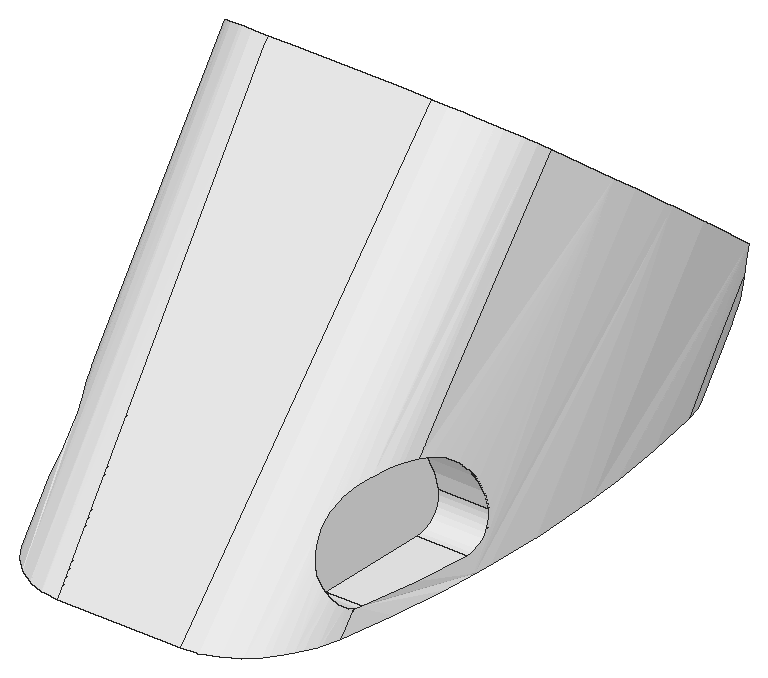
Revit family "Plumbing-Urinal-Sloan-Valve-SU-7419_", category Plumbing Fixtures, host Face, Revit 2020
Family settings
  Host = Face
  Round Connector Dimension = Use Diameter
  Part Type = Normal
  OmniClass Number = 23.45.05.21.11.21
  OmniClass Title = Urinals
  Cut with Voids When Loaded = No
  Shared = No
  Room Calculation Point = No
Parameters (values of type "SU-7419")
  Width = 12 5/8"  # constant formula
  Water Inlet Connection Diameter = 3/4"  # constant formula
  Water Inlet Connection Description = "Water Inlet Connection"  # constant formula
  Waste Connection = yes
  WFU = 5
  Vent Connection = yes
  Valve Pressure Drop = 0.00 psi
  URL = "www.sloanvalve.com"
  Sanitary Drain Connector Description = "Sanitary Drain Connection"  # constant formula
  Sanitary Drain Connection Diameter = 2"  # constant formula
  Product data url = "https://bimobject.com/sloan_valve/product/urinals_SU-7419"
  Product Material = Sloan Valve - Vitreous China - White
  Part Number = "1107419"
  Model = "SU-7419"
  Maximum Static Pressure = "80 PSI (552 kPa)\r"  # constant formula
  Manufacturer = "Sloan Valve"  # constant formula
  Keynote = "15410"
  Installation Height [instance] = if(ADA Compliant, 12 1/2", 19 1/2")  # 12 1/2"
  Height = 23 1/8"  # constant formula
  HWFU = 0
  HW Connection = yes
  Flush Rate = "0.125 – 1.0 gpf (0.5 – 3.8 Lpf) - Flush volume determined by the flushometer used with the fixture"  # constant formula
  Flow Rate = "8.5 gpm (32.2 Lpm)\r"  # constant formula
  Edition number = 1
  Description = "Vitreous China Washdown Urinal."
  Depth = 14 3/4"  # constant formula
  Default Elevation = 0"
  CWFU = 5
  CW Connection = yes
  Assembly Code = "D2010"
  ADA Compliant [instance] = yes
Types (3): name | Part Number | Model | Description
  (no name) | "1107419" | "SU-7419" | "Vitreous China Washdown Urinal."
  SU-7419 | "1107419" | "SU-7419" | "Vitreous China Washdown Urinal."
  SU-7419-STG | "1177419" | "SU-7419-STG" | "Vitreous China Washdown Urinal with SloanTec® Glaze."
Reference planes (in)
  plane 1 "Center (Front/Back)": y = 0
  plane 2: z = 0
  plane 3 "Center (Left/Right)": x = 0
  plane 4: y = 12.5
Dimensions and locks (in)
  "Installation Height": plane 4 to plane 1 "Center (Front/Back)"
  aligned and locked: plane 2 to host face
  aligned and locked: level to host face
  aligned and locked: nested 1 to plane 4
  aligned and locked: plane 3 "Center (Left/Right)" to nested 1
Automatic sketch dimensions
  host sketch curve to host sketch curve = 96"  (x2)
Nested families (in)
  nested 1: "Geometry" at (0, 17, 0), Product Material <- "Product Material", type "Default"
    with Product Material Sloan Valve - Vitreous China - White
Connectors (in)
  piping at (0, 12.5, 0), diameter 2, driven by "Sanitary Drain Connection Diameter", driven by "WFU", driven by "Sanitary Drain Connector Description"
    settings: on nested 1, index 1, connector inside diameter 24", connector length 0", flow factor 0, pipe flow 0 GPM, pressure drop 0.00 psi, fitting loss kfactor 0, connector angle 0.00°, fixture units 5, engagement length 0", angle of deflection 0.00°, flow configuration 3, flow direction 2, fitting loss method 0, system type 16, joint type 0, gender type 0, connector reference index -1, connector utility 0, adjustable connector no, is connector primary yes, connector description "Sanitary Drain Connection"
  piping at (0, 27.625, 0.01235), diameter 0.75, driven by "Water Inlet Connection Diameter", driven by "CWFU", driven by "Water Inlet Connection Description"
    settings: on nested 1, index 3, connector inside diameter 24", connector length 0", flow factor 0, pipe flow 0 GPM, pressure drop 0.00 psi, fitting loss kfactor 0, connector angle 0.00°, fixture units 5, engagement length 0", angle of deflection 0.00°, flow configuration 3, flow direction 1, fitting loss method 0, system type 20, joint type 0, gender type 0, connector reference index -1, connector utility 0, adjustable connector no, is connector primary no, connector description "Water Inlet Connection"
Definition of nested family "Geometry"
  Parameters (values of type "Default")
    Waste Connection = yes
    WFU = 5
    Vent Connection = no
    URL = "www.sloan.com"
    Type Comments = ""
    Product Material [instance] = none
    Model = ""
    Manufacturer = ""
    HWFU = 0
    HW Connection = no
    Description = ""
    Default Elevation = 24"
    CWFU = 5
    CW Connection = no
    Assembly Code = ""
  Reference planes (in)
    plane 1 "Center (Front/Back)": y = 0
    plane 2: z = 0
    plane 3 "Center (Left/Right)": x = 0
    plane 4: z = 14.1875
    plane 5: y = -24
    plane 6: y = -11
    plane 7: y = 12.125
    plane 8: x = -6.4322
    plane 9: x = 6.4322
    plane 10: y = -4.5
  Forms (in)
    Extrusion 1, solid
      sketch origin (0, 0, 0) x (1, 0, 0) y (0, 1, 0)
        loop
          line (-48, 48) -> (-48, -48) -> (48, -48) -> (48, 48) -> (-48, 48)
      from 0 to -12
    Blend 2, solid, material <- "Product Material"
      base sketch origin (0, -9.79691, 1.55504) x (1, 0, 0) y (0, 0.79021, -0.612836)
        loop
          arc (3.13194, 0) -> (5.09327, 0.72994) -> (6.10017, 2.56455) r 3
          arc (6.10017, 2.56455) -> (6.39728, 9.36938) -> (5.30925, 16.09323) r 33.43676
          arc (5.30925, 16.09323) -> (4.14817, 17.82905) -> (2.17054, 18.5) r 3.25
          line (2.17054, 18.5) -> (-2.17054, 18.5)
          arc (-2.17054, 18.5) -> (-4.14817, 17.82905) -> (-5.30925, 16.09323) r 3.25
          arc (-5.30925, 16.09323) -> (-6.39728, 9.36938) -> (-6.10017, 2.56455) r 33.43676
          arc (-6.10017, 2.56455) -> (-5.09327, 0.72994) -> (-3.13194, 0) r 3
          line (-3.13194, 0) -> (3.13194, 0)
      top sketch origin (0, -9.79691, 1.55504) x (1, 0, 0) y (0, 0.79021, -0.612836)
        loop
          arc (-2.91778, 18.5) -> (-4.82534, 17.81543) -> (-5.86233, 16.07415) r 3
          arc (-5.86233, 16.07415) -> (-6.4424, 9.36962) -> (-5.59521, 2.69359) r 31.7236
          arc (-5.59521, 2.69359) -> (-4.3605, 0.75478) -> (-2.18937, 0) r 3.5
          line (-2.18937, 0) -> (2.18937, 0)
          arc (2.18937, 0) -> (4.3605, 0.75478) -> (5.59521, 2.69359) r 3.5
          arc (5.59521, 2.69359) -> (6.4424, 9.36962) -> (5.86233, 16.07415) r 31.7236
          arc (5.86233, 16.07415) -> (4.82534, 17.81543) -> (2.91778, 18.5) r 3
          line (2.91778, 18.5) -> (-2.91778, 18.5)
      from 15.9862 to -5.82227
    Extrusion 3, void
      sketch origin (0, 0, 0) x (0, -1, 0) y (0, 0, 1)
        loop
          line (14.25, 0) -> (-16.5, 0) -> (-16.5, -15.74117) -> (14.25, -15.74117) -> (14.25, 0)
      from 10.72725 to -7.54923
    Extrusion 4, void
      sketch origin (0, 0, 0) x (1, 0, 0) y (0, 1, 0)
        loop
          line (-6.4322, 12.125) -> (6.4322, 12.125) -> (6.4322, 15.57047) -> (-6.4322, 15.57047) -> (-6.4322, 12.125)
      from 17.67921 to -0.03125
    Extrusion 5, void
      sketch origin (0, 0, 0) x (1, 0, 0) y (0, 1, 0)
        loop
          arc (2.11494, 0) -> (3.60627, 0.49352) -> (4.50879, 1.77924) r 2.5
          arc (4.50879, 1.77924) -> (5.10338, 4.97775) -> (4.99437, 8.22924) r 15
          arc (4.99437, 8.22924) -> (4.15734, 9.76386) -> (2.51959, 10.375) r 2.5
          line (2.51959, 10.375) -> (-2.51959, 10.375)
          arc (-2.51959, 10.375) -> (-4.15734, 9.76386) -> (-4.99437, 8.22924) r 2.5
          arc (-4.99437, 8.22924) -> (-5.10338, 4.97775) -> (-4.50879, 1.77924) r 15
          arc (-4.50879, 1.77924) -> (-3.60627, 0.49352) -> (-2.11494, 0) r 2.5
          line (-2.11494, 0) -> (2.11494, 0)
      from 17.67921 to 3.16618
    Extrusion 6, void
      sketch origin (0, 0, 0) x (0, -1, 0) y (0, 0, 1)
        loop
          arc (7.84946, 2.37507) -> (4.40692, 4.70323) -> (1.32909, 1.91067) r 3.36432
          arc (1.32909, 1.91067) -> (1.55097, 1.09804) -> (2.31498, 0.74325) r 1
          line (2.31498, 0.74325) -> (6.6592, 0.74325)
          arc (6.6592, 0.74325) -> (7.6691, 1.25663) -> (7.84946, 2.37507) r 1.25
      from -4.41403 to -6.7949
    Extrusion 7, void
      sketch origin (0, 0, 0) x (0, -1, 0) y (0, 0, -1)
        loop
          arc (7.84946, -2.37507) -> (7.6691, -1.25663) -> (6.6592, -0.74325) r 1.25
          line (6.6592, -0.74325) -> (2.31498, -0.74325)
          arc (2.31498, -0.74325) -> (1.55097, -1.09804) -> (1.32909, -1.91067) r 1
          arc (1.32909, -1.91067) -> (4.40692, -4.70323) -> (7.84946, -2.37507) r 3.36432
      from -4.41403 to -6.7949
    Revolve 8, solid, material <- "Product Material"
      sketch origin (0, 0.23977, 1.6121) x (0, 1, 0) y (0, 0, 1)
        loop
          arc (0, 6) -> (-0.05589, 6.74551) -> (-0.22232, 7.47436) r 5
          arc (-0.22232, 7.47436) -> (-0.28228, 7.54744) -> (-0.37627, 7.55764) r 0.125
          line (-0.37627, 7.55764) -> (-0.78261, 6) -> (0, 6)
        axis (0, 6) -> (-0.78261, 6)
      angle from 0 to 360
    Revolve 9, solid, material <- "Product Material"
      sketch origin (0, 0, 0) x (0, 1, 0) y (0, 0, 1)
        loop
          line (-4.5, 1.24332) -> (-4.5, 0) -> (-3.25, 0) -> (-3.25, 1.24332) -> (-4.5, 1.24332)
        axis (-4.5, 0) -> (-4.5, 1.24332)
      angle from 0 to 360
    Revolve 10, solid
      sketch origin (0, 12.125, -8.23559) x (0, 0, 1) y (0, -1, 0)
        loop
          line (8.24794, 2.5) -> (7.74794, 2.5) -> (7.74794, 2.1425) -> (7.49794, 2.1425) -> (7.49794, 2.02367) -> (7.18071, 2.02367) -> (7.18071, 1.5) -> (8.24794, 1.5) -> (8.24794, 2.5)
        axis (7.18071, 1.5) -> (8.24794, 1.5)
      angle from 0 to 360
  Cuts and joins
    Extrusion 3, Extrusion 4, Extrusion 5, Extrusion 6, Extrusion 7 cuts Blend 2
  Lines and regions (in)
    Masking region 1
      outline origin (0, 0, 0) x (1, 0, 0) y (0, 0, 1)
        loop
          line (6.41907, 0) -> (6.41907, 11.56922)
          arc (6.41907, 11.56922) -> (5.65219, 13.42062) -> (3.80079, 14.1875) r 2.61828
          line (3.80079, 14.1875) -> (-3.80079, 14.1875)
          arc (-3.80079, 14.1875) -> (-5.65219, 13.42062) -> (-6.41907, 11.56922) r 2.61828
          line (-6.41907, 11.56922) -> (-6.41907, 0) -> (6.41907, 0)
    symbolic lines, detail levels medium+fine
      curve 1: spline (4.99415, 0, 7.80529) -> (5.06162, 0, 8.22289) -> (5.10948, 0, 8.64152) -> (5.1377, 0, 9.06081) -> (5.14625, 0, 9.48042) -> (5.13512, 0, 9.90001) -> (5.10432, 0, 10.31924) -> (5.05388, 0, 10.73774) -> (4.98384, 0, 11.15519) -> (4.89425, 0, 11.57123) -> (4.78519, 0, 11.98552) -> (4.65676, 0, 12.39772) -> (4.50905, 0, 12.80749)
      curve 2: line (4.50905, 0, 12.80749) -> (2.11494, 0, 14.1875)
      curve 3: line (2.51959, 0, 6.14132) -> (4.99415, 0, 7.80529)
      curve 4: line (-2.51959, 0, 6.14132) -> (2.51959, 0, 6.14132)
      curve 5: line (-4.99415, 0, 7.80529) -> (-2.51959, 0, 6.14132)
      curve 6: spline (-4.50905, 0, 12.80749) -> (-4.65676, 0, 12.39772) -> (-4.78519, 0, 11.98552) -> (-4.89425, 0, 11.57123) -> (-4.98384, 0, 11.15519) -> (-5.05388, 0, 10.73774) -> (-5.10432, 0, 10.31924) -> (-5.13512, 0, 9.90001) -> (-5.14625, 0, 9.48042) -> (-5.1377, 0, 9.06081) -> (-5.10948, 0, 8.64152) -> (-5.06162, 0, 8.22289) -> (-4.99415, 0, 7.80529)
      curve 7: line (-2.11494, 0, 14.1875) -> (-4.50905, 0, 12.80749)
      curve 8: line (6.41907, 0, 4.78414) -> (-6.41907, 0, 4.78414)
  Dimensions and locks (in)
    plane 5 to plane 1 "Center (Front/Back)" = 24"
    plane 6 to plane 7 = 23 1/8"
    plane 1 "Center (Front/Back)" to plane 7 = 12 1/8"
    plane 4 to plane 2 = 14 3/16"
    plane 10 to plane 1 "Center (Front/Back)" = 4 1/2"
    Revolve 10 sketch curve to cut or joined group of Blend 2, Extrusion 3, Extrusion 4, Extrusion 5, Extrusion 6, Extrusion 7 = 1 1/2"
    aligned and locked: plane 2 to Extrusion 1
    aligned and locked: level to Extrusion 1
